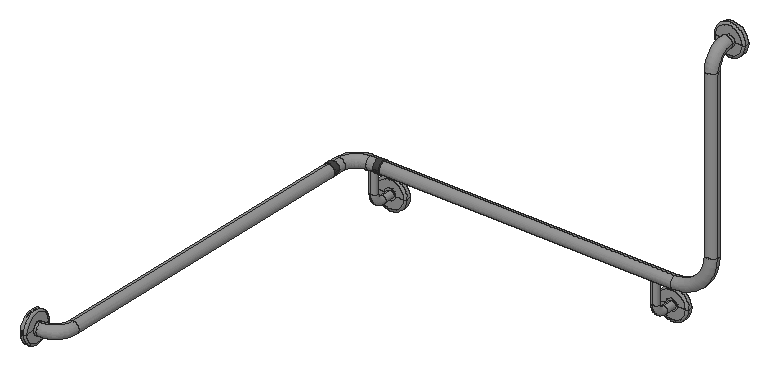
Revit family "RBA4091-103", category Plumbing Fixtures, Revit 2021
Family settings
  Round Connector Dimension = Use Diameter
  Part Type = Normal
  Work Plane-Based = No
  Always vertical = Yes
  Cut with Voids When Loaded = No
  Shared = No
  Room Calculation Point = No
Parameters (values of type "RBA4091-103")
  Watermarked By = "www.rba.com.au"
  URL = "www.rba.com.au"
  R_Void [instance] = 15.00 mm
  R [instance] = 0.00 mm
  Phone Number = ""
  Modified Issue = "20190108.01"
  Model = "RBA4091-103"
  Materials and Finishes = Stainless Steel, Satin Finish
  Manufacturer Model = ""
  Manufacturer = "RBA Group"
  Description = "Modular 90° Wraparound Grab Rail, Left Hand"
  Default Elevation = 0.00 mm
  Copyright by = "RBA Group"  # constant formula
  Assembly Code = ""
Reference planes
  plane 1 "Center (Front/Back)": y = 0
  plane 2: z = 0
  plane 3: z = 570
  plane 4: z = 630
  plane 5: x = 325.5
  plane 6: x = 265.5
  plane 7: z = -100
  plane 8: z = 570
  plane 9: z = 630
  plane 10: x = 265.5
  plane 11: x = 325.5
  plane 12: z = -130
  plane 13: z = -70
  plane 14: x = -657.5
  plane 15: x = -597.5
  plane 16: z = -100
  plane 17: x = -683.5
  plane 18: x = -754.5
  plane 19: z = 600
  plane 20: x = -699.5
  plane 21: x = -667.5
  plane 22: z = 16
  plane 23: z = -16
  plane 24: y = -71
  plane 25: y = -87
  plane 26: y = -55
  plane 27: y = -80.5
  plane 28: y = -61.5
  plane 29: z = -30
  plane 30: z = 30
  plane 31: y = -1105
  plane 32: y = -1045
  plane 33: x = 295.5
  plane 34: z = -130
  plane 35: z = -70
  plane 36: x = 110.5
  plane 37: x = 170.5
  plane 38: x = 279.5
  plane 39: x = 311.5
  plane 40: x = -607.8
  plane 41: y = -1075
  plane 42: y = -146.7
Forms (mm)
  Extrusion 1, solid, material "Stainless Steel, Satin Finish" <- "Materials and Finishes"
    sketch origin (295.5, -2.628, 915.907) x (0, 0, -1) y (-1, 0, 0)
      loop
        circle (315.907, 0) r 40
    from -0.219 to 2.628
  Extrusion 2, void
    sketch origin (295.5, 34.941, 915.907) x (0, 0, -1) y (-1, 0, 0)
      loop
        circle (315.907, -30) r 5
      loop
        circle (315.907, 30) r 5
    from -37.788 to -30
  Extrusion 3, solid, material "Stainless Steel, Satin Finish" <- "Materials and Finishes"
    sketch origin (295.5, -2.628, 915.907) x (0, 0, -1) y (-1, 0, 0)
      loop
        circle (315.907, 0) r 40
    from -0.219 to 2.628
  Extrusion 4, void
    sketch origin (295.5, 34.941, 915.907) x (0, 0, -1) y (-1, 0, 0)
      loop
        circle (315.907, 30) r 5
      loop
        circle (315.907, -30) r 5
    from -37.788 to -30
  Extrusion 5, solid, material "Stainless Steel, Satin Finish" <- "Materials and Finishes"
    sketch origin (295.5, -2.628, 915.907) x (0, 0, -1) y (-1, 0, 0)
      loop
        circle (315.907, 0) r 40
    from -0.219 to 2.628
  Revolve 6, solid, material "Stainless Steel, Satin Finish" <- "Materials and Finishes"
    sketch origin (295.5, 18.663, 600) x (0, -1, 0) y (1, 0, 0)
      loop
        line (18.663, 0) -> (18.663, -41.5) -> (27.844, -41.5)
        arc (27.844, -41.5) -> (31.337, -40.077) -> (32.842, -36.617) r 5
        line (32.842, -36.617) -> (33.326, -16) -> (33.326, 0) -> (18.663, 0)
      axis (18.663, 0) -> (33.326, 0)
    angle from 0 to 360
  Extrusion 7, solid, material "Stainless Steel, Satin Finish" <- "Materials and Finishes"
    sketch origin (-627.5, -2.628, 215.907) x (0, 0, -1) y (-1, 0, 0)
      loop
        circle (315.907, 0) r 40
    from -0.219 to 2.628
  Revolve 8, solid, material "Stainless Steel, Satin Finish" <- "Materials and Finishes"
    sketch origin (-627.5, 18.663, -100) x (0, -1, 0) y (1, 0, 0)
      loop
        line (18.663, 0) -> (33.326, 0) -> (33.326, 16) -> (32.842, 36.617)
        arc (32.842, 36.617) -> (31.337, 40.077) -> (27.844, 41.5) r 5
        line (27.844, 41.5) -> (18.663, 41.5) -> (18.663, 0)
      axis (18.663, 0) -> (33.326, 0)
    angle from 0 to 360
  Sweep 9, solid, material "Stainless Steel, Satin Finish" <- "Materials and Finishes"
    path origin (-627.5, 12.454, -100) x (0, -1, 0) y (0, 0, 1)
      loop
        line (12.454, 0) -> (55.454, 0)
        arc (55.454, 0) -> (75.253, 8.201) -> (83.454, 28) r 28
        line (83.454, 28) -> (83.454, 100)
    profile origin (-627.5, -21.5, -100) x (0, 0, 1) y (-1, 0, 0)
      loop
        circle (0, 0) r 9.5
  Extrusion 10, void
    sketch origin (-627.5, 34.941, 215.907) x (0, 0, -1) y (-1, 0, 0)
      loop
        circle (315.907, 30) r 5
      loop
        circle (315.907, -30) r 5
    from -37.788 to -30
  Revolve 11, solid, material "Stainless Steel, Satin Finish" <- "Materials and Finishes"
    sketch origin (-773.163, -1075, 0) x (1, 0, 0) y (0, 1, 0)
      loop
        line (18.663, 0) -> (33.326, 0) -> (33.326, 16) -> (32.842, 36.617)
        arc (32.842, 36.617) -> (31.337, 40.077) -> (27.844, 41.5) r 5
        line (27.844, 41.5) -> (18.663, 41.5) -> (18.663, 0)
      axis (18.663, 0) -> (33.326, 0)
    angle from 0 to 360
  Extrusion 12, solid, material "Stainless Steel, Satin Finish" <- "Materials and Finishes"
    sketch origin (-751.872, -1075, 315.907) x (0, 0, -1) y (0, -1, 0)
      loop
        circle (315.907, 0) r 40
    from -0.219 to 2.628
  Extrusion 13, void
    sketch origin (-789.441, -1075, 315.907) x (0, 0, -1) y (0, -1, 0)
      loop
        circle (315.907, 30) r 5
      loop
        circle (315.907, -30) r 5
    from -37.788 to -34.941
  Extrusion 14, solid, material "Stainless Steel, Satin Finish" <- "Materials and Finishes"
    sketch origin (-751.872, -1075, 315.907) x (0, 0, -1) y (0, -1, 0)
      loop
        circle (315.907, 0) r 40
    from -0.219 to 2.628
  Revolve 15, solid, material "Stainless Steel, Black"
    sketch origin (-754.5, 457.937, 0) x (0, 1, 0) y (-1, 0, 0)
      loop
        line (-612.137, -54) -> (-612.137, -71) -> (-597.137, -71) -> (-597.137, -54) -> (-612.137, -54)
      axis (-612.137, -71) -> (-597.137, -71)
    angle from 0 to 360
  Extrusion 16, solid, material "Stainless Steel, Satin Finish" <- "Materials and Finishes"
    sketch origin (140.5, -2.628, 215.907) x (0, 0, -1) y (-1, 0, 0)
      loop
        circle (315.907, 0) r 40
    from -0.219 to 2.628
  Revolve 17, solid, material "Stainless Steel, Satin Finish" <- "Materials and Finishes"
    sketch origin (140.5, 18.663, -100) x (0, -1, 0) y (1, 0, 0)
      loop
        line (18.663, 0) -> (33.326, 0) -> (33.326, 16) -> (32.842, 36.617)
        arc (32.842, 36.617) -> (31.337, 40.077) -> (27.844, 41.5) r 5
        line (27.844, 41.5) -> (18.663, 41.5) -> (18.663, 0)
      axis (18.663, 0) -> (33.326, 0)
    angle from 0 to 360
  Extrusion 18, void
    sketch origin (140.5, 34.941, 215.907) x (0, 0, -1) y (-1, 0, 0)
      loop
        circle (315.907, 30) r 5
      loop
        circle (315.907, -30) r 5
    from -37.788 to -30
  Sweep 19, solid, material "Stainless Steel, Satin Finish" <- "Materials and Finishes"
    path in 3D
      loop
        line (-751.653, -1075, 0) -> (-731.5, -1075, 0)
        arc (-731.5, -1075, 0) -> (-697.559, -1060.941, 0) -> (-683.5, -1027, 0) r 48
        line (-683.5, -1027, 0) -> (-683.5, -119, 0)
        arc (-683.5, -119, 0) -> (-669.441, -85.059, 0) -> (-635.5, -71, 0) r 48
        line (-635.5, -71, 0) -> (195.5, -71, 0)
        arc (195.5, -71, 0) -> (266.211, -71, 29.289) -> (295.5, -71, 100) r 100
        line (295.5, -71, 100) -> (295.5, -71, 552)
        arc (295.5, -71, 552) -> (295.5, -56.941, 585.941) -> (295.5, -23, 600) r 48
        line (295.5, -23, 600) -> (295.5, -2.847, 600)
    profile origin (295.5, -56.941, 585.941) x (0, -0.707107, 0.707107) y (1, 0, 0)
      loop
        circle (0, 0) r 16
  Sweep 20, solid, material "Stainless Steel, Satin Finish" <- "Materials and Finishes"
    path origin (140.5, 12.454, -100) x (0, -1, 0) y (0, 0, 1)
      loop
        line (12.454, 0) -> (55.454, 0)
        arc (55.454, 0) -> (75.253, 8.201) -> (83.454, 28) r 28
        line (83.454, 28) -> (83.454, 100)
    profile origin (140.5, -21.5, -100) x (0, 0, 1) y (-1, 0, 0)
      loop
        circle (0, 0) r 9.5
  Revolve 21, solid, material "Stainless Steel, Black"
    sketch origin (-1212.437, -142, 0) x (-1, 0, 0) y (0, -1, 0)
      loop
        line (-612.137, -54) -> (-612.137, -71) -> (-597.137, -71) -> (-597.137, -54) -> (-612.137, -54)
      axis (-612.137, -71) -> (-597.137, -71)
    angle from 0 to 360
Cuts and joins
  Extrusion 2, Extrusion 4 cuts Extrusion 1
  Extrusion 4 cuts Extrusion 3
  Extrusion 4, Extrusion 18 cuts Revolve 6
  Extrusion 10, Extrusion 18 cuts Revolve 8
  Extrusion 18 cuts Sweep 9
  Extrusion 18 cuts Revolve 17
  joined: Revolve 6, Revolve 8, Sweep 9, Revolve 17, Sweep 19, Sweep 20
  Extrusion 10, Extrusion 18 cuts Extrusion 7
  Extrusion 4 cuts Extrusion 5
  Extrusion 13 cuts Revolve 11
  Extrusion 13 cuts Extrusion 12
  Extrusion 13 cuts Extrusion 14
  Extrusion 18 cuts Extrusion 16
Lines and regions (mm)
  sketch lines
    curve 1: arc (295.5, -71, 552) -> (295.5, -56.941, 585.941) -> (295.5, -23, 600) r 48
    curve 2: line (295.5, -23, 600) -> (295.5, -2.847, 600)
    curve 3: line (295.5, -71, 552) -> (295.5, -71, 100)
    curve 4: arc (295.5, -71, 100) -> (266.211, -71, 29.289) -> (195.5, -71, 0) r 100
    curve 5: line (-635.5, -71, 0) -> (195.5, -71, 0)
    curve 6: arc (-683.5, -119, 0) -> (-669.441, -85.059, 0) -> (-635.5, -71, 0) r 48
    curve 7: line (-683.5, -119, 0) -> (-683.5, -1027, 0)
    curve 8: arc (-731.5, -1075, 0) -> (-697.559, -1060.941, 0) -> (-683.5, -1027, 0) r 48
    curve 9: line (-751.653, -1075, 0) -> (-731.5, -1075, 0)
Dimensions and locks
  plane 4 to plane 3 to level = 60.00 mm, 570.00 mm
  plane 6 to plane 5 = 60.00 mm
  plane 9 to plane 8 = 60.00 mm
  plane 10 to plane 11 = 60.00 mm
  Revolve 6 sketch curve to Revolve 6 sketch curve = 41.50 mm
  Revolve 8 sketch curve to Revolve 8 sketch curve = 41.50 mm
  plane 13 to plane 12 = 60.00 mm
  plane 14 to plane 15 = 60.00 mm
  Revolve 11 sketch curve to Revolve 11 sketch curve = 41.50 mm
  plane 30 to plane 29 = 60.00 mm
  plane 31 to plane 32 = 60.00 mm
  Revolve 17 sketch curve to Revolve 17 sketch curve = 41.50 mm
  plane 35 to plane 34 = 60.00 mm
  plane 36 to plane 37 = 60.00 mm
  radius of Extrusion 1 sketch curve = 40.00 mm
  radius of Extrusion 3 sketch curve = 40.00 mm
  radius of Extrusion 5 sketch curve = 40.00 mm
  radius of Extrusion 7 sketch curve = 40.00 mm
  radius of Sweep 9 sketch curve = 9.50 mm
  radius of Extrusion 12 sketch curve = 40.00 mm
  radius of Extrusion 14 sketch curve = 40.00 mm
  radius of Extrusion 16 sketch curve = 40.00 mm
  radius of Sweep 20 sketch curve = 9.50 mm
  aligned and locked: Revolve 8 to Extrusion 7
  aligned and locked: Revolve 17 to Extrusion 16
